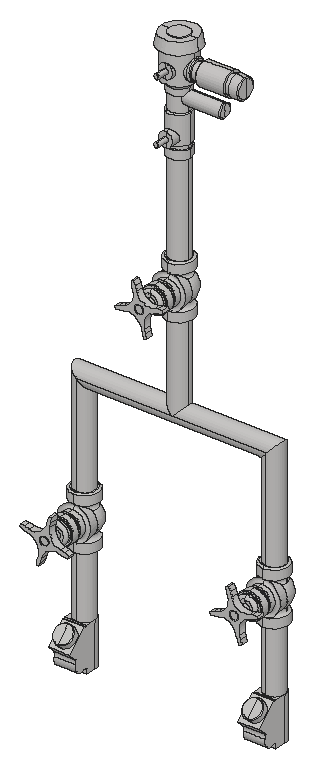
Revit family "QF_FISHER_29475", category Specialty Equipment, Revit 2015
Parameters
  Weight in Pounds = 7.5
  URL Cutsheet = ""
  Specification by User = ""
  Specification by Manufacturer = ""
  Serial Number = ""
  Seismic Rating = ""
  SMACNA No = ""
  Revision Code = ""
  Plumbing Remarks = ""
  Plumbing Connection Type = ""
  NAFEM Spec ID Number = ""
  Model = "29475"
  Masterspec = ""
  Manufacturer = "FISHER"
  Length = 12.12227"
  Keynote = ""
  Item Number = ""
  Installed By = ""
  Identify Quantity as Lot = yes
  Hot Water Temperature = 140 °F
  Hot Water Size = 1/2"
  Hot Water RI Height = 0"
  Hot Water Minimum Pressure = 0.00 psi
  Hot Water Maximum Pressure = 150.00 psi
  Hot Water Flow = 0 GPM
  Hot Water Consumption = 0 GPM
  Hot Water Connection Height = 0"
  Height = 30.39713"
  Furnished By = ""
  Foodservice Equipment Identifier = yes
  Fixture Finish = QF_Metal - Stainless - Polished
  Description = "REEL RINSE EXP INSTALL KIT"
  Depth = 2"
  Cold Water Temperature Recommended = 40 °F
  Cold Water Size = 1/2"
  Cold Water RI Height = 0"
  Cold Water Minimum Pressure = 0.00 psi
  Cold Water Maximum Pressure = 150.00 psi
  Cold Water Flow = 0 GPM
  Cold Water Consumption = ""
  Cold Water Connection Height = 0"
  CSI MasterFormat = ""
Reference planes (in)
  plane 1 "BACK": y = 0
  plane 2: z = 0
  plane 3 "LEFT": x = 0
  plane 4 "RIGHT": x = 12.12227
  plane 5 "FRONT": y = -2
  plane 6 "TOP": z = 30.39713
  plane 7 "Center Y": x = 6.06114
  plane 8 "Center X": y = -1
Forms (in)
  Sweep 1, solid, material "QF_Metal - Stainless - Polished" <- "Fixture Finish"
    path origin (-10.88143, -2, 48) x (-1, 0, 0) y (0, 0, 1)
      loop
        line (-12.14254, -48) -> (-12.14254, -34.82972) -> (-21.74259, -34.82972) -> (-21.74259, -48)
    profile origin (10.86116, -2, 6.58514) x (0, 1, 0) y (-1, 0, 0)
      loop
        circle (1, 0) r 0.5
  Extrusion 2, solid, material "QF_Metal - Stainless - Polished" <- "Fixture Finish"
    sketch origin (0, 0, 0) x (1, 0, 0) y (0, 1, 0)
      loop
        circle (6.06114, -1) r 0.5
    from 13.18883 to 30.39713
  Revolve 3, solid, material "QF_Metal - Stainless - Polished" <- "Fixture Finish"
    sketch origin (-10.88143, -1, 48) x (-1, 0, 0) y (0, 0, 1)
      loop
        line (-16.94256, -21.03787) -> (-16.94256, -22.481) -> (-16.36521, -22.481) -> (-16.36521, -21.10187) -> (-16.42921, -21.03787) -> (-16.94256, -21.03787)
      loop
        line (-16.37138, -22.71718) -> (-16.43405, -22.681) -> (-16.94256, -22.681) -> (-16.94256, -23.16537) -> (-16.43405, -23.16537) -> (-16.37138, -23.12918) -> (-16.37138, -22.71718)
      axis (-16.94256, -23.16537) -> (-16.94256, -21.03787)
    angle from 0 to 360
  Revolve 4, solid, material "QF_Metal - Stainless - Polished" <- "Fixture Finish"
    sketch origin (1.26111, 0, 0) x (0, 1, 0) y (0, 0, 1)
      loop
        line (-1, 8.08214) -> (-1, 5.33214) -> (-0.41, 5.33214) -> (-0.3, 5.39253) -> (-0.3, 5.84366)
        arc (-0.3, 5.84366) -> (-0.44639, 5.96816) -> (-0.40631, 6.15611) r 0.1875
        arc (-0.40631, 6.15611) -> (-0.19, 6.70714) -> (-0.40631, 7.25816) r 0.81
        arc (-0.40631, 7.25816) -> (-0.44639, 7.44611) -> (-0.3, 7.57062) r 0.1875
        line (-0.3, 7.57062) -> (-0.3, 8.02174) -> (-0.41, 8.08214) -> (-1, 8.08214)
      axis (-1, 5.33214) -> (-1, 8.08214)
    angle from 0 to 360
  Revolve 5, solid, material "QF_Metal - Stainless - Polished" <- "Fixture Finish"
    sketch origin (10.86116, 0, 0) x (0, 1, 0) y (0, 0, -1)
      loop
        line (-1, -8.08214) -> (-0.41, -8.08214) -> (-0.3, -8.02174) -> (-0.3, -7.57062)
        arc (-0.3, -7.57062) -> (-0.44639, -7.44611) -> (-0.40631, -7.25816) r 0.1875
        arc (-0.40631, -7.25816) -> (-0.19, -6.70714) -> (-0.40631, -6.15611) r 0.81
        arc (-0.40631, -6.15611) -> (-0.44639, -5.96816) -> (-0.3, -5.84366) r 0.1875
        line (-0.3, -5.84366) -> (-0.3, -5.39253) -> (-0.41, -5.33214) -> (-1, -5.33214) -> (-1, -8.08214)
      axis (-1, -5.33214) -> (-1, -8.08214)
    angle from 0 to 360
  Revolve 6, solid, material "QF_Metal - Stainless - Polished" <- "Fixture Finish"
    sketch origin (1.26111, 0, 0) x (0, 1, 0) y (0, 0, 1)
      loop
        line (-3.21705, 6.70714) -> (-1, 6.70714) -> (-1, 7.4604) -> (-1.67118, 7.56671)
        arc (-1.67118, 7.56671) -> (-1.61026, 7.42608) -> (-1.73134, 7.33214) r 0.125
        line (-1.73134, 7.33214) -> (-2, 7.33214) -> (-2, 7.25326) -> (-2.142, 7.25326) -> (-2.142, 7.30709) -> (-2.20205, 7.36714) -> (-2.54137, 7.36714) -> (-2.568, 7.34051) -> (-2.568, 7.24914) -> (-2.67881, 7.24914)
        arc (-2.67881, 7.24914) -> (-2.78006, 7.2072) -> (-2.822, 7.10595) r 0.14319
        line (-2.822, 7.10595) -> (-2.822, 6.92414) -> (-3.21705, 6.92414) -> (-3.21705, 6.70714)
      axis (-1, 6.70714) -> (-3.21705, 6.70714)
    angle from 0 to 360
  Revolve 7, solid, material "QF_Metal - Stainless - Polished" <- "Fixture Finish"
    sketch origin (10.86116, 0, 0) x (0, 1, 0) y (0, 0, -1)
      loop
        line (-3.21705, -6.70714) -> (-3.21705, -6.92414) -> (-2.822, -6.92414) -> (-2.822, -7.10595)
        arc (-2.822, -7.10595) -> (-2.78006, -7.2072) -> (-2.67881, -7.24914) r 0.14319
        line (-2.67881, -7.24914) -> (-2.568, -7.24914) -> (-2.568, -7.34051) -> (-2.54137, -7.36714) -> (-2.20205, -7.36714) -> (-2.142, -7.30709) -> (-2.142, -7.25326) -> (-2, -7.25326) -> (-2, -7.33214) -> (-1.73134, -7.33214)
        arc (-1.73134, -7.33214) -> (-1.61026, -7.42608) -> (-1.67118, -7.56671) r 0.125
        line (-1.67118, -7.56671) -> (-1, -7.4604) -> (-1, -6.70714) -> (-3.21705, -6.70714)
      axis (-1, -6.70714) -> (-3.21705, -6.70714)
    angle from 0 to 360
  Revolve 8, solid, material "QF_Metal - Stainless - Polished" <- "Fixture Finish"
    sketch origin (6.06114, 0, 12.19017) x (0, 1, 0) y (0, 0, -1)
      loop
        line (-1, -8.08214) -> (-0.41, -8.08214) -> (-0.3, -8.02174) -> (-0.3, -7.57062)
        arc (-0.3, -7.57062) -> (-0.44639, -7.44611) -> (-0.40631, -7.25816) r 0.1875
        arc (-0.40631, -7.25816) -> (-0.19, -6.70714) -> (-0.40631, -6.15611) r 0.81
        arc (-0.40631, -6.15611) -> (-0.44639, -5.96816) -> (-0.3, -5.84366) r 0.1875
        line (-0.3, -5.84366) -> (-0.3, -5.39253) -> (-0.41, -5.33214) -> (-1, -5.33214) -> (-1, -8.08214)
      axis (-1, -5.33214) -> (-1, -8.08214)
    angle from 0 to 360
  Revolve 9, solid, material "QF_Metal - Stainless - Polished" <- "Fixture Finish"
    sketch origin (6.06114, 0, 12.19017) x (0, 1, 0) y (0, 0, -1)
      loop
        line (-3.21705, -6.70714) -> (-3.21705, -6.92414) -> (-2.822, -6.92414) -> (-2.822, -7.10595)
        arc (-2.822, -7.10595) -> (-2.78006, -7.2072) -> (-2.67881, -7.24914) r 0.14319
        line (-2.67881, -7.24914) -> (-2.568, -7.24914) -> (-2.568, -7.34051) -> (-2.54137, -7.36714) -> (-2.20205, -7.36714) -> (-2.142, -7.30709) -> (-2.142, -7.25326) -> (-2, -7.25326) -> (-2, -7.33214) -> (-1.73134, -7.33214)
        arc (-1.73134, -7.33214) -> (-1.61026, -7.42608) -> (-1.67118, -7.56671) r 0.125
        line (-1.67118, -7.56671) -> (-1, -7.4604) -> (-1, -6.70714) -> (-3.21705, -6.70714)
      axis (-1, -6.70714) -> (-3.21705, -6.70714)
    angle from 0 to 360
  Extrusion 10, solid, material "QF_Metal - Stainless - Polished" <- "Fixture Finish"
    sketch origin (0, 0, 0) x (1, 0, 0) y (0, 0, 1)
      loop
        line (1.56176, 7.46196) -> (1.61848, 7.67362)
        arc (1.61848, 7.67362) -> (1.63536, 7.78228) -> (1.6446, 7.89186) r 1.57112
        arc (1.6446, 7.89186) -> (1.58463, 7.90954) -> (1.52386, 7.92421) r 1.25
        arc (1.52386, 7.92421) -> (1.47707, 7.82469) -> (1.43736, 7.72215) r 1.57112
        line (1.43736, 7.72215) -> (1.38065, 7.51049)
        arc (1.38065, 7.51049) -> (1.04612, 7.07452) -> (0.50128, 7.00279) r 0.718
        line (0.50128, 7.00279) -> (0.28963, 7.0595)
        arc (0.28963, 7.0595) -> (0.18096, 7.07639) -> (0.07139, 7.08563) r 1.57112
        arc (0.07139, 7.08563) -> (0.0537, 7.02566) -> (0.03904, 6.96489) r 1.25
        arc (0.03904, 6.96489) -> (0.13855, 6.9181) -> (0.2411, 6.87839) r 1.57112
        line (0.2411, 6.87839) -> (0.45276, 6.82168)
        arc (0.45276, 6.82168) -> (0.88873, 6.48714) -> (0.96046, 5.94231) r 0.718
        line (0.96046, 5.94231) -> (0.90374, 5.73065)
        arc (0.90374, 5.73065) -> (0.88686, 5.62199) -> (0.87762, 5.51242) r 1.57112
        arc (0.87762, 5.51242) -> (0.93759, 5.49473) -> (0.99836, 5.48006) r 1.25
        arc (0.99836, 5.48006) -> (1.04515, 5.57958) -> (1.08486, 5.68212) r 1.57112
        line (1.08486, 5.68212) -> (1.14157, 5.89378)
        arc (1.14157, 5.89378) -> (1.4761, 6.32976) -> (2.02094, 6.40149) r 0.718
        line (2.02094, 6.40149) -> (2.23259, 6.34477)
        arc (2.23259, 6.34477) -> (2.34126, 6.32789) -> (2.45083, 6.31865) r 1.57112
        arc (2.45083, 6.31865) -> (2.46852, 6.37861) -> (2.48318, 6.43939) r 1.25
        arc (2.48318, 6.43939) -> (2.38367, 6.48617) -> (2.28112, 6.52588) r 1.57112
        line (2.28112, 6.52588) -> (2.06946, 6.5826)
        arc (2.06946, 6.5826) -> (1.63349, 6.91713) -> (1.56176, 7.46196) r 0.718
      loop
        circle (1.26111, 6.70714) r 0.217
    from 3.21705 to 3.54234
  Extrusion 11, solid, material "QF_Metal - Stainless - Polished" <- "Fixture Finish"
    sketch origin (0, 0, 0) x (1, 0, 0) y (0, 0, 1)
      loop
        circle (1.26111, 6.70714) r 0.217
    from 3.21705 to 3.54234
  Extrusion 12, solid, material "QF_Metal - Stainless - Polished" <- "Fixture Finish"
    sketch origin (7.32225, 0, 12.19017) x (-1, 0, 0) y (0, 0, -1)
      loop
        arc (1.56176, -7.46196) -> (1.63349, -6.91713) -> (2.06946, -6.5826) r 0.718
        line (2.06946, -6.5826) -> (2.28112, -6.52588)
        arc (2.28112, -6.52588) -> (2.38367, -6.48617) -> (2.48318, -6.43939) r 1.57112
        arc (2.48318, -6.43939) -> (2.46852, -6.37861) -> (2.45083, -6.31865) r 1.25
        arc (2.45083, -6.31865) -> (2.34126, -6.32789) -> (2.23259, -6.34477) r 1.57112
        line (2.23259, -6.34477) -> (2.02094, -6.40149)
        arc (2.02094, -6.40149) -> (1.4761, -6.32976) -> (1.14157, -5.89378) r 0.718
        line (1.14157, -5.89378) -> (1.08486, -5.68212)
        arc (1.08486, -5.68212) -> (1.04515, -5.57958) -> (0.99836, -5.48006) r 1.57112
        arc (0.99836, -5.48006) -> (0.93759, -5.49473) -> (0.87762, -5.51242) r 1.25
        arc (0.87762, -5.51242) -> (0.88686, -5.62199) -> (0.90374, -5.73065) r 1.57112
        line (0.90374, -5.73065) -> (0.96046, -5.94231)
        arc (0.96046, -5.94231) -> (0.88873, -6.48714) -> (0.45276, -6.82168) r 0.718
        line (0.45276, -6.82168) -> (0.2411, -6.87839)
        arc (0.2411, -6.87839) -> (0.13855, -6.9181) -> (0.03904, -6.96489) r 1.57112
        arc (0.03904, -6.96489) -> (0.0537, -7.02566) -> (0.07139, -7.08563) r 1.25
        arc (0.07139, -7.08563) -> (0.18096, -7.07639) -> (0.28963, -7.0595) r 1.57112
        line (0.28963, -7.0595) -> (0.50128, -7.00279)
        arc (0.50128, -7.00279) -> (1.04612, -7.07452) -> (1.38065, -7.51049) r 0.718
        line (1.38065, -7.51049) -> (1.43736, -7.72215)
        arc (1.43736, -7.72215) -> (1.47707, -7.82469) -> (1.52386, -7.92421) r 1.57112
        arc (1.52386, -7.92421) -> (1.58463, -7.90954) -> (1.6446, -7.89186) r 1.25
        arc (1.6446, -7.89186) -> (1.63536, -7.78228) -> (1.61848, -7.67362) r 1.57112
        line (1.61848, -7.67362) -> (1.56176, -7.46196)
      loop
        circle (1.26111, -6.70714) r 0.217
    from 3.21705 to 3.54234
  Extrusion 13, solid, material "QF_Metal - Stainless - Polished" <- "Fixture Finish"
    sketch origin (12.12227, 0, 0) x (-1, 0, 0) y (0, 0, -1)
      loop
        circle (1.26111, -6.70714) r 0.217
    from 3.21705 to 3.54234
  Revolve 14, solid, material "QF_Metal - Stainless - Polished" <- "Fixture Finish"
    sketch origin (-10.88143, -1, 48) x (-1, 0, 0) y (0, 0, 1)
      loop
        line (-16.94256, -20.22787) -> (-16.38756, -20.22787) -> (-16.38756, -19.89987) -> (-16.13006, -19.67287) -> (-16.13006, -18.14287) -> (-15.94256, -18.14287) -> (-16.05056, -17.60287) -> (-16.94256, -17.60287) -> (-16.94256, -20.22787)
      axis (-16.94256, -20.22787) -> (-16.94256, -17.60287)
    angle from 0 to 360
  Revolve 15, solid, material "QF_Metal - Stainless - Polished" <- "Fixture Finish"
    sketch origin (-10.88143, -1, 48) x (-1, 0, 0) y (0, 0, 1)
      loop
        line (-20.31756, -19.03311) -> (-16.94256, -19.03311) -> (-16.94256, -18.50061) -> (-17.75506, -18.50061)
        arc (-17.75506, -18.50061) -> (-17.77337, -18.5448) -> (-17.81756, -18.56311) r 0.0625
        line (-17.81756, -18.56311) -> (-17.88006, -18.56311) -> (-17.88006, -18.61311) -> (-18.19006, -18.61311) -> (-18.19006, -18.51975) -> (-18.25406, -18.45575) -> (-19.63319, -18.45575) -> (-19.63319, -18.54811) -> (-19.83319, -18.54811) -> (-19.86381, -18.51748) -> (-20.28137, -18.51748) -> (-20.31756, -18.58016) -> (-20.31756, -19.03311)
      axis (-16.94256, -19.03311) -> (-20.31756, -19.03311)
    angle from 0 to 360
  Revolve 16, solid, material "QF_Metal - Stainless - Polished" <- "Fixture Finish"
    sketch origin (6.06114, 6.90541, 48) x (0, 1, 0) y (0, 0, 1)
      loop
        line (-9.34256, -22.126) -> (-8.23193, -22.126) -> (-8.23193, -21.771) -> (-8.76806, -21.771) -> (-8.76806, -22.00833) -> (-9.34256, -22.00833) -> (-9.34256, -22.126)
      axis (-9.34256, -22.126) -> (-8.23193, -22.126)
    angle from 0 to 360
  Revolve 17, solid, material "QF_Metal - Stainless - Polished" <- "Fixture Finish"
    sketch origin (6.06114, 6.90541, 51.09593) x (0, 1, 0) y (0, 0, 1)
      loop
        line (-9.34256, -22.126) -> (-8.23193, -22.126) -> (-8.23193, -21.771) -> (-8.76806, -21.771) -> (-8.76806, -22.00833) -> (-9.34256, -22.00833) -> (-9.34256, -22.126)
      axis (-9.34256, -22.126) -> (-8.23193, -22.126)
    angle from 0 to 360
  Revolve 18, solid, material "QF_Metal - Stainless - Polished" <- "Fixture Finish"
    sketch origin (-10.88143, -1, 48) x (-1, 0, 0) y (0, 0, 1)
      loop
        line (-16.94256, -20.39265) -> (-16.94256, -20.05087) -> (-19.22716, -20.05087)
        arc (-19.22716, -20.05087) -> (-19.25417, -20.06206) -> (-19.26536, -20.08907) r 0.0382
        line (-19.26536, -20.08907) -> (-19.26536, -20.39265) -> (-16.94256, -20.39265)
      axis (-16.94256, -20.39265) -> (-19.26536, -20.39265)
    angle from 0 to 360
  Extrusion 19, solid, material "QF_Metal - Stainless - Polished" <- "Fixture Finish"
    sketch origin (7.32225, 0, 12.19017) x (-1, 0, 0) y (0, 0, -1)
      loop
        circle (1.26111, -6.70714) r 0.217
    from 3.21705 to 3.54234
  Extrusion 20, solid, material "QF_Metal - Stainless - Polished" <- "Fixture Finish"
    sketch origin (12.12227, 0, 0) x (-1, 0, 0) y (0, 0, -1)
      loop
        arc (1.56176, -7.46196) -> (1.63349, -6.91713) -> (2.06946, -6.5826) r 0.718
        line (2.06946, -6.5826) -> (2.28112, -6.52588)
        arc (2.28112, -6.52588) -> (2.38367, -6.48617) -> (2.48318, -6.43939) r 1.57112
        arc (2.48318, -6.43939) -> (2.46852, -6.37861) -> (2.45083, -6.31865) r 1.25
        arc (2.45083, -6.31865) -> (2.34126, -6.32789) -> (2.23259, -6.34477) r 1.57112
        line (2.23259, -6.34477) -> (2.02094, -6.40149)
        arc (2.02094, -6.40149) -> (1.4761, -6.32976) -> (1.14157, -5.89378) r 0.718
        line (1.14157, -5.89378) -> (1.08486, -5.68212)
        arc (1.08486, -5.68212) -> (1.04515, -5.57958) -> (0.99836, -5.48006) r 1.57112
        arc (0.99836, -5.48006) -> (0.93759, -5.49473) -> (0.87762, -5.51242) r 1.25
        arc (0.87762, -5.51242) -> (0.88686, -5.62199) -> (0.90374, -5.73065) r 1.57112
        line (0.90374, -5.73065) -> (0.96046, -5.94231)
        arc (0.96046, -5.94231) -> (0.88873, -6.48714) -> (0.45276, -6.82168) r 0.718
        line (0.45276, -6.82168) -> (0.2411, -6.87839)
        arc (0.2411, -6.87839) -> (0.13855, -6.9181) -> (0.03904, -6.96489) r 1.57112
        arc (0.03904, -6.96489) -> (0.0537, -7.02566) -> (0.07139, -7.08563) r 1.25
        arc (0.07139, -7.08563) -> (0.18096, -7.07639) -> (0.28963, -7.0595) r 1.57112
        line (0.28963, -7.0595) -> (0.50128, -7.00279)
        arc (0.50128, -7.00279) -> (1.04612, -7.07452) -> (1.38065, -7.51049) r 0.718
        line (1.38065, -7.51049) -> (1.43736, -7.72215)
        arc (1.43736, -7.72215) -> (1.47707, -7.82469) -> (1.52386, -7.92421) r 1.57112
        arc (1.52386, -7.92421) -> (1.58463, -7.90954) -> (1.6446, -7.89186) r 1.25
        arc (1.6446, -7.89186) -> (1.63536, -7.78228) -> (1.61848, -7.67362) r 1.57112
        line (1.61848, -7.67362) -> (1.56176, -7.46196)
      loop
        circle (1.26111, -6.70714) r 0.217
    from 3.21705 to 3.54234
  Extrusion 21, solid, material "QF_Metal - Stainless - Polished" <- "Fixture Finish"
    sketch origin (12.12227, 0, 0) x (-1, 0, 0) y (0, 0, -1)
      loop
        circle (1.26111, -6.70714) r 0.217
    from 3.21705 to 3.54234
  Revolve 22, solid, material "QF_Metal - Stainless - Polished" <- "Fixture Finish"
    sketch origin (-10.88143, -1, 48) x (-1, 0, 0) y (0, 0, 1)
      loop
        line (-12.14254, -45.8) -> (-12.14254, -48) -> (-11.59569, -48) -> (-11.59569, -45.8) -> (-12.14254, -45.8)
      axis (-12.14254, -48) -> (-12.14254, -45.8)
    angle from 0 to 360
  Revolve 23, solid, material "QF_Metal - Stainless - Polished" <- "Fixture Finish"
    sketch origin (23.0037, -1, 48) x (1, 0, 0) y (0, 0, -1)
      loop
        line (-12.14254, 45.8) -> (-11.59569, 45.8) -> (-11.59569, 48) -> (-12.14254, 48) -> (-12.14254, 45.8)
      axis (-12.14254, 48) -> (-12.14254, 45.8)
    angle from 0 to 360
  Extrusion 24, solid, material "QF_Metal - Stainless - Polished" <- "Fixture Finish"
    sketch origin (0, 0, 0) x (0, 1, 0) y (0, 0, 1)
      loop
        line (-1.59977, 2.11232) -> (-1.68745, 2.2) -> (-2.59255, 1.2949) -> (-2.27257, 0.97493)
        arc (-2.27257, 0.97493) -> (-2.2041, 0.84666) -> (-2.21858, 0.70199) r 0.25
        arc (-2.21858, 0.70199) -> (-2.1147, 0.29449) -> (-1.69439, 0.28091) r 0.35
        arc (-1.69439, 0.28091) -> (-1.59734, 0.28737) -> (-1.54685, 0.20422) r 0.0937
        line (-1.54685, 0.20422) -> (-1.54685, 0) -> (-1, 0) -> (-1, 2.2) -> (-1.54685, 2.2) -> (-1.54685, 2.13424)
        arc (-1.54685, 2.13424) -> (-1.56599, 2.1056) -> (-1.59977, 2.11232) r 0.031
    from 10.31431 to 11.40801
  Revolve 25, solid, material "QF_Metal - Stainless - Polished" <- "Fixture Finish"
    sketch origin (10.86116, 0, 0) x (0, 1, 0) y (0, 0, -1)
      loop
        line (-2.35001, -1.95746) -> (-2.02818, -2.27929) -> (-1.98434, -2.27929) -> (-1.79625, -2.0912) -> (-2.14, -1.74745) -> (-2.35001, -1.95746)
      axis (-2.35001, -1.95746) -> (-2.14, -1.74745)
    angle from 0 to 360
  Revolve 26, solid, material "QF_Metal - Stainless - Polished" <- "Fixture Finish"
    sketch origin (1.26111, 0, 0) x (0, 1, 0) y (0, 0, 1)
      loop
        line (-2.35001, 1.95746) -> (-2.14, 1.74745) -> (-1.79625, 2.0912) -> (-1.98434, 2.27929) -> (-2.02818, 2.27929) -> (-2.35001, 1.95746)
      axis (-2.35001, 1.95746) -> (-2.14, 1.74745)
    angle from 0 to 360
  Extrusion 27, solid, material "QF_Metal - Stainless - Polished" <- "Fixture Finish"
    sketch origin (12.12227, 0, 0) x (0, 1, 0) y (0, 0, -1)
      loop
        arc (-1.59977, -2.11232) -> (-1.56599, -2.1056) -> (-1.54685, -2.13424) r 0.031
        line (-1.54685, -2.13424) -> (-1.54685, -2.2) -> (-1, -2.2) -> (-1, 0) -> (-1.54685, 0) -> (-1.54685, -0.20422)
        arc (-1.54685, -0.20422) -> (-1.59734, -0.28737) -> (-1.69439, -0.28091) r 0.0937
        arc (-1.69439, -0.28091) -> (-2.1147, -0.29449) -> (-2.21858, -0.70199) r 0.35
        arc (-2.21858, -0.70199) -> (-2.2041, -0.84666) -> (-2.27257, -0.97493) r 0.25
        line (-2.27257, -0.97493) -> (-2.59255, -1.2949) -> (-1.68745, -2.2) -> (-1.59977, -2.11232)
    from 10.31431 to 11.40801
Cuts and joins
  joined: Sweep 1, Revolve 4, Revolve 22, Revolve 23, Extrusion 24, Extrusion 27
  joined: Extrusion 2, Revolve 18
Lines and regions (in)
  symbolic lines
    curve 1: line (2.48318, -3.21705, 0) -> (0, -3.21705, 0)
    curve 2: line (2.48318, -3.54234, 0) -> (0, -3.54234, 0)
    curve 3: line (2.48318, -3.54234, 0) -> (2.48318, -3.21705, 0)
    curve 4: line (0, -3.54234, 0) -> (0, -3.21705, 0)
    curve 5: line (4.83906, -3.21705, 0) -> (7.28321, -3.21705, 0)
    curve 6: line (4.83906, -3.54234, 0) -> (4.83906, -3.21705, 0)
    curve 7: line (7.28321, -3.54234, 0) -> (4.83906, -3.54234, 0)
    curve 8: line (7.28321, -3.21705, 0) -> (7.28321, -3.54234, 0)
    curve 9: circle (6.06114, -1, 0) r 0.892 normal (0, 0, 1)
    curve 10: circle (6.06114, -1, 0) r 1 normal (0, 0, 1)
    curve 11: circle (6.06114, -1, 0) r 0.5 normal (0, 0, 1)
    curve 12: arc (1.26111, -1.5, 0) -> (0.76111, -1, 0) -> (1.26111, -0.5, 0) r 0.5
    curve 13: line (1.26111, -0.5, 0) -> (5.19511, -0.5, 0)
    curve 14: line (1.26111, -1.5, 0) -> (5.19511, -1.5, 0)
    curve 15: line (10.86116, -0.5, 0) -> (9.40897, -0.5, 0)
    curve 16: line (9.39995, -0.48437, 0) -> (9.40897, -0.5, 0)
    curve 17: arc (10.86116, -1.5, 0) -> (11.36116, -1, 0) -> (10.86116, -0.5, 0) r 0.5
    curve 18: line (10.86116, -1.5, 0) -> (9.40897, -1.5, 0)
    curve 19: line (9.39995, -1.51562, 0) -> (9.40897, -1.5, 0)
    curve 20: line (9.39995, -1.51562, 0) -> (9.39995, -0.48437, 0)
    curve 21: line (9.39995, -0.48437, 0) -> (8.98239, -0.48437, 0)
    curve 22: line (8.98239, -0.48437, 0) -> (8.98239, -1.51562, 0)
    curve 23: line (8.98239, -1.51562, 0) -> (9.39995, -1.51562, 0)
    curve 24: line (7.37264, -0.42265, 0) -> (8.75176, -0.42265, 0)
    curve 25: line (8.75176, -0.42265, 0) -> (8.75176, -1.57735, 0)
    curve 26: line (8.75176, -1.57735, 0) -> (7.37264, -1.57735, 0)
    curve 27: line (7.37264, -1.57735, 0) -> (7.37264, -0.42265, 0)
    curve 28: line (8.75176, -0.4999, 0) -> (8.96686, -0.4999, 0)
    curve 29: line (8.96686, -0.4999, 0) -> (8.98239, -0.48437, 0)
    curve 30: line (8.75176, -1.5001, 0) -> (8.96686, -1.5001, 0)
    curve 31: line (8.96686, -1.5001, 0) -> (8.98239, -1.51562, 0)
    curve 32: line (7.30864, -1.51335, 0) -> (6.91932, -1.51335, 0)
    curve 33: line (7.30864, -1.51335, 0) -> (7.37264, -1.57735, 0)
    curve 34: line (7.30864, -0.48665, 0) -> (6.91932, -0.48665, 0)
    curve 35: line (7.30864, -0.48665, 0) -> (7.37264, -0.42265, 0)
    curve 36: line (7.30864, -0.48665, 0) -> (7.30864, -1.51335, 0)
    curve 37: line (5.43614, -2, 0) -> (5.43614, -1.78062, 0)
    curve 38: line (5.43614, -2, 0) -> (5.51502, -2, 0)
    curve 39: line (5.51502, -2, 0) -> (5.51502, -2.142, 0)
    curve 40: line (5.46119, -2.142, 0) -> (5.51502, -2.142, 0)
    curve 41: line (5.46119, -2.142, 0) -> (5.40114, -2.20205, 0)
    curve 42: line (5.40114, -2.20205, 0) -> (5.40114, -2.54137, 0)
    curve 43: line (5.40114, -2.54137, 0) -> (5.42777, -2.568, 0)
    curve 44: line (5.42777, -2.568, 0) -> (6.06114, -2.568, 0)
    curve 45: line (5.84414, -2.822, 0) -> (5.84414, -3.21705, 0)
    curve 46: line (5.84414, -2.822, 0) -> (5.66171, -2.822, 0)
    curve 47: line (5.51914, -2.568, 0) -> (5.51914, -2.67943, 0)
    curve 48: arc (5.51914, -2.67943, 0) -> (5.5609, -2.78024, 0) -> (5.66171, -2.822, 0) r 0.14257
    curve 49: line (6.68614, -2, 0) -> (6.68614, -1.78062, 0)
    curve 50: line (6.68614, -2, 0) -> (6.60726, -2, 0)
    curve 51: line (6.60726, -2, 0) -> (6.60726, -2.142, 0)
    curve 52: line (6.66109, -2.142, 0) -> (6.60726, -2.142, 0)
    curve 53: line (6.66109, -2.142, 0) -> (6.72114, -2.20205, 0)
    curve 54: line (6.72114, -2.20205, 0) -> (6.72114, -2.54137, 0)
    curve 55: line (6.72114, -2.54137, 0) -> (6.6945, -2.568, 0)
    curve 56: line (6.6945, -2.568, 0) -> (6.06114, -2.568, 0)
    curve 57: line (6.27814, -2.822, 0) -> (6.27814, -3.21705, 0)
    curve 58: line (6.27814, -2.822, 0) -> (6.46056, -2.822, 0)
    curve 59: line (6.60314, -2.568, 0) -> (6.60314, -2.67943, 0)
    curve 60: arc (6.60314, -2.67943, 0) -> (6.56138, -2.78024, 0) -> (6.46056, -2.822, 0) r 0.14257
    curve 61: line (5.94347, -2.43715, 0) -> (5.94347, -1.99305, 0)
    curve 62: line (5.94347, -2.43715, 0) -> (6.1788, -2.43715, 0)
    curve 63: line (6.1788, -2.43715, 0) -> (6.1788, -1.99305, 0)
    curve 64: line (5.40114, -2.20205, 0) -> (5.94347, -2.20205, 0)
    curve 65: line (6.72114, -2.20205, 0) -> (6.1788, -2.20205, 0)
    curve 66: line (5.40114, -2.54137, 0) -> (6.72114, -2.54137, 0)
    curve 67: line (5.84414, -2.822, 0) -> (6.27814, -2.822, 0)
    curve 68: line (0.63611, -2, 0) -> (0.63611, -1.67118, 0)
    curve 69: line (0.63611, -2, 0) -> (1.80723, -2, 0)
    curve 70: line (0.71499, -2, 0) -> (0.71499, -2.142, 0)
    curve 71: line (0.66116, -2.142, 0) -> (1.80723, -2.142, 0)
    curve 72: line (0.66116, -2.142, 0) -> (0.60111, -2.20205, 0)
    curve 73: line (0.60111, -2.20205, 0) -> (0.60111, -2.54137, 0)
    curve 74: line (0.60111, -2.54137, 0) -> (0.62774, -2.568, 0)
    curve 75: line (1.04411, -2.822, 0) -> (1.04411, -3.21705, 0)
    curve 76: line (1.47811, -2.822, 0) -> (0.86168, -2.822, 0)
    curve 77: line (0.71911, -2.568, 0) -> (0.71911, -2.67943, 0)
    curve 78: arc (0.71911, -2.67943, 0) -> (0.76087, -2.78024, 0) -> (0.86168, -2.822, 0) r 0.14257
    curve 79: line (0.62774, -2.568, 0) -> (1.80311, -2.568, 0)
    curve 80: line (1.88611, -2, 0) -> (1.88611, -1.67118, 0)
    curve 81: line (1.88611, -2, 0) -> (1.80723, -2, 0)
    curve 82: line (1.80723, -2, 0) -> (1.80723, -2.142, 0)
    curve 83: line (1.86106, -2.142, 0) -> (1.80723, -2.142, 0)
    curve 84: line (1.86106, -2.142, 0) -> (1.92111, -2.20205, 0)
    curve 85: line (1.92111, -2.20205, 0) -> (1.92111, -2.54137, 0)
    curve 86: line (1.92111, -2.54137, 0) -> (1.89448, -2.568, 0)
    curve 87: line (1.47811, -2.822, 0) -> (1.47811, -3.21705, 0)
    curve 88: line (1.47811, -2.822, 0) -> (1.66054, -2.822, 0)
    curve 89: line (1.80311, -2.568, 0) -> (1.80311, -2.67943, 0)
    curve 90: arc (1.80311, -2.67943, 0) -> (1.76135, -2.78024, 0) -> (1.66054, -2.822, 0) r 0.14257
    curve 91: line (1.89448, -2.568, 0) -> (1.80311, -2.568, 0)
    curve 92: line (0.60111, -2.20205, 0) -> (1.92111, -2.20205, 0)
    curve 93: line (0.60111, -2.54137, 0) -> (1.92111, -2.54137, 0)
    curve 94: arc (1.75101, -1.5, 0) -> (0.56111, -1, 0) -> (1.75101, -0.5, 0) r 0.7
    curve 95: line (0.39961, -1.67118, 0) -> (1.06233, -1.67118, 0)
    curve 96: line (2.11961, -1.67118, 0) -> (1.45989, -1.67118, 0)
    curve 97: line (2.0925, -1.5, 0) -> (2.11961, -1.67118, 0)
    curve 98: line (0.39961, -1.67118, 0) -> (0.47482, -1.19632, 0)
    curve 99: arc (1.89891, -0.5, 0) -> (0.90512, -0.27194, 0) -> (0.47482, -1.19632, 0) r 0.81043
    curve 100: line (9.63716, -3.21705, 0) -> (12.12035, -3.21705, 0)
    curve 101: line (9.63716, -3.54234, 0) -> (12.12035, -3.54234, 0)
    curve 102: line (9.63716, -3.54234, 0) -> (9.63716, -3.21705, 0)
    curve 103: line (12.12035, -3.54234, 0) -> (12.12035, -3.21705, 0)
    curve 104: arc (10.85924, -1.5, 0) -> (11.35924, -1, 0) -> (10.85924, -0.5, 0) r 0.5
    curve 105: line (11.48424, -2, 0) -> (11.48424, -1.67118, 0)
    curve 106: line (11.48424, -2, 0) -> (10.31311, -2, 0)
    curve 107: line (11.40536, -2, 0) -> (11.40536, -2.142, 0)
    curve 108: line (11.45919, -2.142, 0) -> (10.31311, -2.142, 0)
    curve 109: line (11.45919, -2.142, 0) -> (11.51924, -2.20205, 0)
    curve 110: line (11.51924, -2.20205, 0) -> (11.51924, -2.54137, 0)
    curve 111: line (11.51924, -2.54137, 0) -> (11.4926, -2.568, 0)
    curve 112: line (11.07624, -2.822, 0) -> (11.07624, -3.21705, 0)
    curve 113: line (10.64224, -2.822, 0) -> (11.25866, -2.822, 0)
    curve 114: line (11.40124, -2.568, 0) -> (11.40124, -2.67943, 0)
    curve 115: arc (11.40124, -2.67943, 0) -> (11.35948, -2.78024, 0) -> (11.25866, -2.822, 0) r 0.14257
    curve 116: line (11.4926, -2.568, 0) -> (10.31724, -2.568, 0)
    curve 117: line (10.23424, -2, 0) -> (10.23424, -1.67118, 0)
    curve 118: line (10.23424, -2, 0) -> (10.31311, -2, 0)
    curve 119: line (10.31311, -2, 0) -> (10.31311, -2.142, 0)
    curve 120: line (10.25928, -2.142, 0) -> (10.31311, -2.142, 0)
    curve 121: line (10.25928, -2.142, 0) -> (10.19924, -2.20205, 0)
    curve 122: line (10.19924, -2.20205, 0) -> (10.19924, -2.54137, 0)
    curve 123: line (10.19924, -2.54137, 0) -> (10.22587, -2.568, 0)
    curve 124: line (10.64224, -2.822, 0) -> (10.64224, -3.21705, 0)
    curve 125: line (10.64224, -2.822, 0) -> (10.45981, -2.822, 0)
    curve 126: line (10.31724, -2.568, 0) -> (10.31724, -2.67943, 0)
    curve 127: arc (10.31724, -2.67943, 0) -> (10.35899, -2.78024, 0) -> (10.45981, -2.822, 0) r 0.14257
    curve 128: line (10.22587, -2.568, 0) -> (10.31724, -2.568, 0)
    curve 129: line (11.51924, -2.20205, 0) -> (10.19924, -2.20205, 0)
    curve 130: line (11.51924, -2.54137, 0) -> (10.19924, -2.54137, 0)
    curve 131: arc (10.36934, -1.5, 0) -> (11.55924, -1, 0) -> (10.36934, -0.5, 0) r 0.7
    curve 132: line (11.72074, -1.67118, 0) -> (11.05802, -1.67118, 0)
    curve 133: line (10.00073, -1.67118, 0) -> (10.66046, -1.67118, 0)
    curve 134: line (10.02785, -1.5, 0) -> (10.00073, -1.67118, 0)
    curve 135: line (11.72074, -1.67118, 0) -> (11.64552, -1.19632, 0)
    curve 136: arc (10.22143, -0.5, 0) -> (11.21522, -0.27194, 0) -> (11.64552, -1.19632, 0) r 0.81043
Dimensions and locks (in)
  equal spacing: plane 3 "LEFT", plane 7 "Center Y", plane 4 "RIGHT"
  "Length": plane 3 "LEFT" to plane 4 "RIGHT"
  equal spacing: plane 5 "FRONT", plane 8 "Center X", plane 1 "BACK"
  "Depth": plane 5 "FRONT" to plane 1 "BACK"
  "Height": plane 6 "TOP" to level
  aligned and locked: level to plane 2
Automatic sketch dimensions
  Sweep 1 sketch curve to level = 0"  (x2)
  plane 4 "RIGHT" to Sweep 1 sketch curve = 1.26111"
  plane 3 "LEFT" to Sweep 1 sketch curve = 1.26111"
  Sweep 1 sketch curve to Sweep 1 sketch curve = 13.17028"
  Sweep 1 sketch curve to profile plane = 0"
  profile plane to Sweep 1 sketch curve = 1"
  Extrusion 2 sketch curve to plane 7 "Center Y" = 0"
  Extrusion 2 sketch curve to plane 8 "Center X" = 0"
  Revolve 3 sketch curve to plane 7 "Center Y" = 0"  (x3)
  Revolve 3 sketch curve to Revolve 3 sketch curve = 0.50851"
  Revolve 3 sketch curve to Revolve 3 sketch curve = 0"  (x2)
  Revolve 3 sketch curve to Revolve 3 sketch curve = 0.51335"
  Revolve 3 sketch curve to Revolve 3 sketch curve = 0.06268"
  Revolve 3 sketch curve to Revolve 3 sketch curve = 0.064"  (x2)
  Revolve 3 sketch curve to plane 6 "TOP" = 5 9/16"
  Revolve 3 sketch curve to Revolve 3 sketch curve = 0.03619"  (x2)
  Revolve 3 sketch curve to Revolve 3 sketch curve = 0.412"
  Revolve 3 sketch curve to Revolve 3 sketch curve = 0.2"
  Revolve 3 sketch curve to Revolve 3 sketch curve = 1.37913"
  Revolve 3 sketch curve to Revolve 3 sketch curve = 0.87747"
  Revolve 4 sketch curve to plane 8 "Center X" = 0"  (x3)
  plane 1 "BACK" to Revolve 4 sketch curve = 0.41"  (x2)
  Revolve 4 sketch curve to Revolve 4 sketch curve = 0.11"
  plane 1 "BACK" to Revolve 4 sketch curve = 0.3"
  Revolve 4 sketch curve to Revolve 4 sketch curve = 0.03112"  (x2)
  level to Revolve 4 sketch curve = 5.33214"
  Revolve 4 sketch curve to Revolve 4 sketch curve = 0.06039"  (x2)
  Revolve 4 sketch curve to Revolve 4 sketch curve = 0.45113"  (x2)
  Revolve 4 sketch curve to Revolve 4 sketch curve = 0.1849"  (x2)
  Revolve 4 sketch curve to Revolve 4 sketch curve = 0.67858"  (x2)
  Revolve 4 sketch curve to Revolve 4 sketch curve = 0"  (x2)
  Revolve 4 sketch curve to Revolve 4 sketch curve = 1/2"
  Revolve 5 sketch curve to plane 8 "Center X" = 0"  (x3)
  plane 1 "BACK" to Revolve 5 sketch curve = 0.41"  (x2)
  Revolve 5 sketch curve to Revolve 5 sketch curve = 0.11"
  plane 1 "BACK" to Revolve 5 sketch curve = 0.3"
  Revolve 5 sketch curve to Revolve 5 sketch curve = 0.03112"  (x2)
  level to Revolve 5 sketch curve = 8.08214"
  Revolve 5 sketch curve to Revolve 5 sketch curve = 0.06039"  (x2)
  Revolve 5 sketch curve to Revolve 5 sketch curve = 0.45113"  (x2)
  Revolve 5 sketch curve to Revolve 5 sketch curve = 0.1849"  (x2)
  Revolve 5 sketch curve to Revolve 5 sketch curve = 0.67858"  (x2)
  Revolve 5 sketch curve to Revolve 5 sketch curve = 0"  (x2)
  Revolve 5 sketch curve to Revolve 5 sketch curve = 1/2"
  Revolve 6 sketch curve to plane 5 "FRONT" = 0"
  Revolve 6 sketch curve to plane 8 "Center X" = 0"
  Revolve 6 sketch curve to Revolve 6 sketch curve = 0.142"
  Revolve 6 sketch curve to Revolve 6 sketch curve = 0.06005"
  Revolve 6 sketch curve to Revolve 6 sketch curve = 0.33932"
  Revolve 6 sketch curve to Revolve 6 sketch curve = 0.02663"  (x2)
  Revolve 6 sketch curve to Revolve 6 sketch curve = 0.11081"
  Revolve 6 sketch curve to Revolve 6 sketch curve = 0.14319"
  Revolve 6 sketch curve to Revolve 6 sketch curve = 0.39505"
  Revolve 6 sketch curve to plane 5 "FRONT" = 0.26866"
  Revolve 6 sketch curve to Revolve 6 sketch curve = 0.06016"
  level to Revolve 6 sketch curve = 6.70714"
  Revolve 6 sketch curve to Revolve 6 sketch curve = 0.217"
  Revolve 6 sketch curve to Revolve 6 sketch curve = 0.18181"
  Revolve 6 sketch curve to Revolve 6 sketch curve = 0.00412"
  Revolve 6 sketch curve to Revolve 6 sketch curve = 0.05383"
  Revolve 6 sketch curve to Revolve 6 sketch curve = 0.07888"
  Revolve 6 sketch curve to Revolve 6 sketch curve = 0.09137"
  Revolve 6 sketch curve to Revolve 6 sketch curve = 1/8"
  Revolve 6 sketch curve to Revolve 6 sketch curve = 0.1063"
  Revolve 6 sketch curve to Revolve 6 sketch curve = 0"  (x2)
  Revolve 6 sketch curve to Revolve 6 sketch curve = 1"
  Revolve 7 sketch curve to plane 5 "FRONT" = 0"
  Revolve 7 sketch curve to plane 8 "Center X" = 0"
  Revolve 7 sketch curve to Revolve 7 sketch curve = 0.142"
  Revolve 7 sketch curve to Revolve 7 sketch curve = 0.06005"  (x2)
  Revolve 7 sketch curve to Revolve 7 sketch curve = 0.33932"
  Revolve 7 sketch curve to Revolve 7 sketch curve = 0.02663"  (x2)
  Revolve 7 sketch curve to Revolve 7 sketch curve = 0.11081"
  Revolve 7 sketch curve to Revolve 7 sketch curve = 0.14319"
  Revolve 7 sketch curve to Revolve 7 sketch curve = 0.39505"
  Revolve 7 sketch curve to plane 5 "FRONT" = 0.26866"
  Revolve 7 sketch curve to Revolve 7 sketch curve = 0.06016"
  level to Revolve 7 sketch curve = 7.56671"
  Revolve 7 sketch curve to Revolve 7 sketch curve = 0.1063"
  Revolve 7 sketch curve to Revolve 7 sketch curve = 0.10957"
  Revolve 7 sketch curve to Revolve 7 sketch curve = 0.035"
  Revolve 7 sketch curve to Revolve 7 sketch curve = 0.05383"
  Revolve 7 sketch curve to Revolve 7 sketch curve = 0.09137"
  Revolve 7 sketch curve to Revolve 7 sketch curve = 0.18181"
  Revolve 7 sketch curve to Revolve 7 sketch curve = 0.75327"
  Revolve 7 sketch curve to Revolve 7 sketch curve = 0"  (x2)
  Revolve 7 sketch curve to Revolve 7 sketch curve = 1"
  Revolve 8 sketch curve to plane 8 "Center X" = 0"  (x3)
  plane 1 "BACK" to Revolve 8 sketch curve = 0.41"  (x2)
  Revolve 8 sketch curve to Revolve 8 sketch curve = 0.11"
  plane 1 "BACK" to Revolve 8 sketch curve = 0.3"
  Revolve 8 sketch curve to Revolve 8 sketch curve = 0.03112"  (x2)
  Revolve 8 sketch curve to plane 6 "TOP" = 10.12482"
  Revolve 8 sketch curve to Revolve 8 sketch curve = 0.06039"  (x2)
  Revolve 8 sketch curve to Revolve 8 sketch curve = 0.45113"  (x2)
  Revolve 8 sketch curve to Revolve 8 sketch curve = 0.1849"  (x2)
  Revolve 8 sketch curve to Revolve 8 sketch curve = 0.67858"  (x2)
  Revolve 8 sketch curve to Revolve 8 sketch curve = 0"  (x2)
  Revolve 8 sketch curve to Revolve 8 sketch curve = 1/2"
  Revolve 9 sketch curve to plane 5 "FRONT" = 0"
  Revolve 9 sketch curve to plane 8 "Center X" = 0"
  Revolve 9 sketch curve to Revolve 9 sketch curve = 0.142"
  Revolve 9 sketch curve to Revolve 9 sketch curve = 0.06005"  (x2)
  Revolve 9 sketch curve to Revolve 9 sketch curve = 0.33932"
  Revolve 9 sketch curve to Revolve 9 sketch curve = 0.02663"  (x2)
  Revolve 9 sketch curve to Revolve 9 sketch curve = 0.11081"
  Revolve 9 sketch curve to Revolve 9 sketch curve = 0.14319"
  Revolve 9 sketch curve to Revolve 9 sketch curve = 0.39505"
  Revolve 9 sketch curve to plane 5 "FRONT" = 0.26866"
  Revolve 9 sketch curve to Revolve 9 sketch curve = 0.06016"
  Revolve 9 sketch curve to plane 6 "TOP" = 10.64025"
  Revolve 9 sketch curve to Revolve 9 sketch curve = 0.1063"
  Revolve 9 sketch curve to Revolve 9 sketch curve = 0.10957"
  Revolve 9 sketch curve to Revolve 9 sketch curve = 0.035"
  Revolve 9 sketch curve to Revolve 9 sketch curve = 0.05383"
  Revolve 9 sketch curve to Revolve 9 sketch curve = 0.09137"
  Revolve 9 sketch curve to Revolve 9 sketch curve = 0.18181"
  Revolve 9 sketch curve to Revolve 9 sketch curve = 0.75327"
  Revolve 9 sketch curve to Revolve 9 sketch curve = 0"  (x2)
  Revolve 9 sketch curve to Revolve 9 sketch curve = 1"
  Extrusion 10 sketch curve to Extrusion 10 sketch curve = 0"  (x13)
  Extrusion 10 sketch curve to plane 3 "LEFT" = 0.39921"
  Extrusion 10 sketch curve to plane 3 "LEFT" = 0.00577"
  plane 3 "LEFT" to Extrusion 10 sketch curve = 0.07537"
  plane 3 "LEFT" to Extrusion 10 sketch curve = 0.2411"
  plane 3 "LEFT" to Extrusion 10 sketch curve = 0.26692"
  Extrusion 10 sketch curve to Extrusion 10 sketch curve = 0.04853"  (x8)
  Extrusion 10 sketch curve to Extrusion 10 sketch curve = 0.21166"  (x4)
  Extrusion 10 sketch curve to Extrusion 10 sketch curve = 0.61174"  (x4)
  Extrusion 10 sketch curve to Extrusion 10 sketch curve = 0.06971"  (x4)
  Extrusion 10 sketch curve to Extrusion 10 sketch curve = 0.63682"
  Extrusion 10 sketch curve to Extrusion 10 sketch curve = 0.05671"  (x4)
  Extrusion 10 sketch curve to Extrusion 10 sketch curve = 0.18111"  (x8)
  Extrusion 10 sketch curve to Extrusion 10 sketch curve = 0.30065"
  Extrusion 10 sketch curve to Extrusion 10 sketch curve = 0.69353"  (x2)
  Extrusion 10 sketch curve to Extrusion 10 sketch curve = 0.68054"  (x2)
  Extrusion 10 sketch curve to Extrusion 10 sketch curve = 0.18583"
  Extrusion 10 sketch curve to Extrusion 10 sketch curve = 0.2727"  (x3)
  Extrusion 10 sketch curve to Extrusion 10 sketch curve = 0.66613"  (x2)
  level to Extrusion 10 sketch curve = 5.04182"
  Extrusion 10 sketch curve to Extrusion 10 sketch curve = 0.39344"
  Extrusion 10 sketch curve to Extrusion 10 sketch curve = 0.47458"
  Extrusion 10 sketch curve to Extrusion 10 sketch curve = 0.6403"
  Extrusion 10 sketch curve to Extrusion 10 sketch curve = 0.75983"
  Extrusion 10 sketch curve to Extrusion 10 sketch curve = 0.005"
  plane 3 "LEFT" to Extrusion 10 sketch curve = 0.03904"
  Extrusion 10 sketch curve to Extrusion 10 sketch curve = 0.02612"
  Extrusion 10 sketch curve to Extrusion 10 sketch curve = 0.08649"
  Extrusion 10 sketch curve to Extrusion 10 sketch curve = 0.21824"
  plane 3 "LEFT" to Extrusion 11 sketch curve = 1.26111"
  level to Extrusion 11 sketch curve = 6.70714"
  Extrusion 12 sketch curve to Extrusion 12 sketch curve = 0"  (x12)
  Extrusion 12 sketch curve to plane 7 "Center Y" = 0"  (x2)
  Extrusion 12 sketch curve to plane 7 "Center Y" = 0.11954"
  Extrusion 12 sketch curve to plane 7 "Center Y" = 0.17625"
  Extrusion 12 sketch curve to Extrusion 12 sketch curve = 0.18111"  (x8)
  Extrusion 12 sketch curve to plane 7 "Center Y" = 0.50428"
  Extrusion 12 sketch curve to plane 7 "Center Y" = 0.57399"
  Extrusion 12 sketch curve to Extrusion 12 sketch curve = 0.18583"  (x3)
  Extrusion 12 sketch curve to Extrusion 12 sketch curve = 0.04853"  (x8)
  Extrusion 12 sketch curve to Extrusion 12 sketch curve = 0.21166"  (x4)
  Extrusion 12 sketch curve to Extrusion 12 sketch curve = 0.61174"  (x4)
  Extrusion 12 sketch curve to Extrusion 12 sketch curve = 0.2727"  (x4)
  Extrusion 12 sketch curve to Extrusion 12 sketch curve = 0.66613"  (x3)
  plane 7 "Center Y" to Extrusion 12 sketch curve = 0.11954"
  plane 7 "Center Y" to Extrusion 12 sketch curve = 0.17625"
  plane 7 "Center Y" to Extrusion 12 sketch curve = 0.50428"
  plane 7 "Center Y" to Extrusion 12 sketch curve = 0.57399"
  Extrusion 12 sketch curve to Extrusion 12 sketch curve = 0.69353"
  plane 6 "TOP" to Extrusion 12 sketch curve = 13.16514"
  Extrusion 12 sketch curve to Extrusion 12 sketch curve = 0.39344"
  Extrusion 12 sketch curve to Extrusion 12 sketch curve = 0.47458"
  Extrusion 12 sketch curve to Extrusion 12 sketch curve = 0.6403"
  Extrusion 12 sketch curve to Extrusion 12 sketch curve = 0.06971"  (x2)
  Extrusion 12 sketch curve to Extrusion 12 sketch curve = 0.05671"  (x2)
  Extrusion 12 sketch curve to Extrusion 12 sketch curve = 0.80835"
  Extrusion 12 sketch curve to Extrusion 12 sketch curve = 0.005"
  Extrusion 12 sketch curve to Extrusion 12 sketch curve = 0.68054"
  Extrusion 12 sketch curve to Extrusion 12 sketch curve = 0.08649"  (x2)
  Extrusion 12 sketch curve to Extrusion 12 sketch curve = 0.21824"  (x2)
  Extrusion 13 sketch curve to plane 4 "RIGHT" = 1.26111"
  Extrusion 13 sketch curve to level = 6.70714"
  Revolve 14 sketch curve to plane 7 "Center Y" = 0"  (x2)
  Revolve 14 sketch curve to plane 6 "TOP" = 0"  (x2)
  Revolve 14 sketch curve to Revolve 14 sketch curve = 0.555"
  Revolve 14 sketch curve to Revolve 14 sketch curve = 0.2575"
  Revolve 14 sketch curve to Revolve 14 sketch curve = 0.0795"
  Revolve 14 sketch curve to Revolve 14 sketch curve = 3/16"
  Revolve 14 sketch curve to plane 6 "TOP" = 0.54"
  Revolve 14 sketch curve to Revolve 14 sketch curve = 1.53"
  Revolve 14 sketch curve to Revolve 14 sketch curve = 0.227"
  Revolve 14 sketch curve to Revolve 14 sketch curve = 0.328"
  Revolve 14 sketch curve to Revolve 14 sketch curve = 0.64912"
  Revolve 15 sketch curve to plane 7 "Center Y" = 0"
  plane 7 "Center Y" to Revolve 15 sketch curve = 13/16"
  Revolve 15 sketch curve to Revolve 15 sketch curve = 1/16"  (x2)
  Revolve 15 sketch curve to Revolve 15 sketch curve = 0.31"
  Revolve 15 sketch curve to Revolve 15 sketch curve = 0.064"
  Revolve 15 sketch curve to Revolve 15 sketch curve = 1.37913"
  Revolve 15 sketch curve to Revolve 15 sketch curve = 0.2"
  Revolve 15 sketch curve to Revolve 15 sketch curve = 0.03063"  (x2)
  Revolve 15 sketch curve to plane 6 "TOP" = 0.91461"
  Revolve 15 sketch curve to Revolve 15 sketch curve = 0.41756"
  Revolve 15 sketch curve to Revolve 15 sketch curve = 0.03619"
  Revolve 15 sketch curve to plane 6 "TOP" = 0.91688"
  Revolve 15 sketch curve to Revolve 15 sketch curve = 0.04335"
  Revolve 15 sketch curve to Revolve 15 sketch curve = 0.06268"
  Revolve 15 sketch curve to Revolve 15 sketch curve = 0.05"
  Revolve 15 sketch curve to Revolve 15 sketch curve = 0.45295"
  Revolve 15 sketch curve to Revolve 15 sketch curve = 0.09235"
  Revolve 15 sketch curve to Revolve 15 sketch curve = 0"  (x2)
  Revolve 15 sketch curve to Revolve 15 sketch curve = 0.26151"
  plane 5 "FRONT" to Revolve 16 sketch curve = 0.43715"
  Revolve 16 sketch curve to plane 5 "FRONT" = 0.13735"
  Revolve 16 sketch curve to plane 8 "Center X" = 0.32652"
  Revolve 16 sketch curve to plane 6 "TOP" = 4.52312"
  Revolve 16 sketch curve to Revolve 16 sketch curve = 0.11767"
  Revolve 16 sketch curve to Revolve 16 sketch curve = 0.23733"
  Revolve 16 sketch curve to Revolve 16 sketch curve = 0"  (x2)
  plane 8 "Center X" to Revolve 16 sketch curve = 0.1027"
  plane 5 "FRONT" to Revolve 17 sketch curve = 0.43715"
  Revolve 17 sketch curve to plane 5 "FRONT" = 0.13735"
  Revolve 17 sketch curve to plane 8 "Center X" = 0.32652"
  Revolve 17 sketch curve to plane 6 "TOP" = 1.42719"
  Revolve 17 sketch curve to Revolve 17 sketch curve = 0.11767"
  Revolve 17 sketch curve to Revolve 17 sketch curve = 0.23733"
  Revolve 17 sketch curve to Revolve 17 sketch curve = 0"  (x2)
  plane 8 "Center X" to Revolve 17 sketch curve = 0.1027"
  Revolve 18 sketch curve to plane 7 "Center Y" = 0"
  plane 7 "Center Y" to Revolve 18 sketch curve = 2.2846"
  Revolve 18 sketch curve to Revolve 18 sketch curve = 0.0382"
  Revolve 18 sketch curve to plane 6 "TOP" = 2.78978"
  Revolve 18 sketch curve to Revolve 18 sketch curve = 0.30358"
  Revolve 18 sketch curve to Revolve 18 sketch curve = 0"  (x2)
  Revolve 18 sketch curve to Revolve 18 sketch curve = 0.3875"
  Extrusion 19 sketch curve to plane 7 "Center Y" = 0"
  plane 6 "TOP" to Extrusion 19 sketch curve = 11.49982"
  Extrusion 20 sketch curve to Extrusion 20 sketch curve = 0"  (x13)
  plane 4 "RIGHT" to Extrusion 20 sketch curve = 0.39921"
  plane 4 "RIGHT" to Extrusion 20 sketch curve = 0.00577"
  Extrusion 20 sketch curve to plane 4 "RIGHT" = 0.07537"
  Extrusion 20 sketch curve to plane 4 "RIGHT" = 0.2411"
  Extrusion 20 sketch curve to plane 4 "RIGHT" = 0.26692"
  Extrusion 20 sketch curve to Extrusion 20 sketch curve = 0.04853"  (x8)
  Extrusion 20 sketch curve to Extrusion 20 sketch curve = 0.21166"  (x4)
  Extrusion 20 sketch curve to Extrusion 20 sketch curve = 0.61174"  (x4)
  Extrusion 20 sketch curve to Extrusion 20 sketch curve = 0.06971"  (x4)
  Extrusion 20 sketch curve to Extrusion 20 sketch curve = 0.63682"
  Extrusion 20 sketch curve to Extrusion 20 sketch curve = 0.05671"  (x4)
  Extrusion 20 sketch curve to Extrusion 20 sketch curve = 0.18111"  (x8)
  Extrusion 20 sketch curve to Extrusion 20 sketch curve = 0.30065"
  Extrusion 20 sketch curve to Extrusion 20 sketch curve = 0.69353"  (x2)
  Extrusion 20 sketch curve to Extrusion 20 sketch curve = 0.68054"  (x2)
  Extrusion 20 sketch curve to Extrusion 20 sketch curve = 0.18583"
  Extrusion 20 sketch curve to Extrusion 20 sketch curve = 0.2727"  (x3)
  Extrusion 20 sketch curve to Extrusion 20 sketch curve = 0.66613"  (x2)
  Extrusion 20 sketch curve to level = 5.04182"
  Extrusion 20 sketch curve to Extrusion 20 sketch curve = 0.39344"
  Extrusion 20 sketch curve to Extrusion 20 sketch curve = 0.47458"
  Extrusion 20 sketch curve to Extrusion 20 sketch curve = 0.6403"
  Extrusion 20 sketch curve to Extrusion 20 sketch curve = 0.75983"
  Extrusion 20 sketch curve to Extrusion 20 sketch curve = 0.005"
  Extrusion 20 sketch curve to plane 4 "RIGHT" = 0.03904"
  Extrusion 20 sketch curve to Extrusion 20 sketch curve = 0.02612"
  Extrusion 20 sketch curve to Extrusion 20 sketch curve = 0.08649"
  Extrusion 20 sketch curve to Extrusion 20 sketch curve = 0.21824"
  Extrusion 21 sketch curve to plane 4 "RIGHT" = 1.26111"
  Extrusion 21 sketch curve to level = 6.70714"
  Revolve 22 sketch curve to level = 0"
  plane 3 "LEFT" to Revolve 22 sketch curve = 1.26111"
  Revolve 22 sketch curve to Revolve 22 sketch curve = 0.54685"
  level to Revolve 22 sketch curve = 2.2"
  Revolve 22 sketch curve to Revolve 22 sketch curve = 0"  (x2)
  Revolve 22 sketch curve to Revolve 22 sketch curve = 1/4"
  Revolve 23 sketch curve to level = 0"
  plane 4 "RIGHT" to Revolve 23 sketch curve = 1.26111"
  Revolve 23 sketch curve to Revolve 23 sketch curve = 0.54685"
  level to Revolve 23 sketch curve = 2.2"
  Revolve 23 sketch curve to Revolve 23 sketch curve = 0"  (x2)
  Revolve 23 sketch curve to Revolve 23 sketch curve = 1/4"
  Extrusion 24 sketch curve to level = 0"
  Extrusion 24 sketch curve to plane 8 "Center X" = 0"
  level to Extrusion 24 sketch curve = 0.20422"
  Extrusion 24 sketch curve to plane 5 "FRONT" = 0.45315"  (x2)
  Extrusion 24 sketch curve to Extrusion 24 sketch curve = 0.031"
  Extrusion 24 sketch curve to Extrusion 24 sketch curve = 0.02192"
  Extrusion 24 sketch curve to Extrusion 24 sketch curve = 0.0937"
  Extrusion 24 sketch curve to Extrusion 24 sketch curve = 0.08768"
  Extrusion 24 sketch curve to plane 5 "FRONT" = 0.10449"
  plane 5 "FRONT" to Extrusion 24 sketch curve = 0.27257"
  Extrusion 24 sketch curve to Extrusion 24 sketch curve = 0.17678"  (x2)
  Extrusion 24 sketch curve to Extrusion 24 sketch curve = 0.31998"  (x2)
  Extrusion 24 sketch curve to Extrusion 24 sketch curve = 0.36313"
  Extrusion 24 sketch curve to Extrusion 24 sketch curve = 0.23079"
  Extrusion 24 sketch curve to Extrusion 24 sketch curve = 0.06576"
  Extrusion 24 sketch curve to Extrusion 24 sketch curve = 0"
  plane 5 "FRONT" to Revolve 25 sketch curve = 0.35001"
  plane 5 "FRONT" to Revolve 25 sketch curve = 0.14"
  plane 5 "FRONT" to Revolve 25 sketch curve = 0.02818"
  Revolve 25 sketch curve to plane 5 "FRONT" = 0.01566"
  Revolve 25 sketch curve to plane 5 "FRONT" = 0.20375"
  level to Revolve 25 sketch curve = 2.27929"
  Revolve 25 sketch curve to Revolve 25 sketch curve = 0"  (x2)
  Revolve 25 sketch curve to Revolve 25 sketch curve = 0.03323"  (x2)
  plane 5 "FRONT" to Revolve 26 sketch curve = 0.35001"
  plane 5 "FRONT" to Revolve 26 sketch curve = 0.14"
  plane 5 "FRONT" to Revolve 26 sketch curve = 0.02818"
  Revolve 26 sketch curve to plane 5 "FRONT" = 0.01566"
  Revolve 26 sketch curve to plane 5 "FRONT" = 0.20375"
  level to Revolve 26 sketch curve = 1.74745"
  Revolve 26 sketch curve to Revolve 26 sketch curve = 0"  (x2)
  Revolve 26 sketch curve to Revolve 26 sketch curve = 0.03323"  (x2)
  Extrusion 27 sketch curve to level = 0"
  Extrusion 27 sketch curve to plane 8 "Center X" = 0"
  level to Extrusion 27 sketch curve = 0.20422"
  Extrusion 27 sketch curve to plane 5 "FRONT" = 0.45315"  (x2)
  Extrusion 27 sketch curve to Extrusion 27 sketch curve = 0.031"
  Extrusion 27 sketch curve to Extrusion 27 sketch curve = 0.02192"
  Extrusion 27 sketch curve to Extrusion 27 sketch curve = 0.0937"
  Extrusion 27 sketch curve to Extrusion 27 sketch curve = 0.08768"
  Extrusion 27 sketch curve to plane 5 "FRONT" = 0.10449"
  plane 5 "FRONT" to Extrusion 27 sketch curve = 0.27257"
  Extrusion 27 sketch curve to Extrusion 27 sketch curve = 0.17678"  (x2)
  Extrusion 27 sketch curve to Extrusion 27 sketch curve = 0.31998"  (x2)
  Extrusion 27 sketch curve to Extrusion 27 sketch curve = 0.36313"
  Extrusion 27 sketch curve to Extrusion 27 sketch curve = 0.23079"
  Extrusion 27 sketch curve to Extrusion 27 sketch curve = 0.06576"
  Extrusion 27 sketch curve to Extrusion 27 sketch curve = 0"
  curve 9 to curve 10 = 0"  (x2)
  curve 9 to curve 11 = 0"
  curve 10 to curve 11 = 0"
  curve 12 to curve 94 = 0"  (x2)
  curve 94 to curve 99 = 0"  (x2)
  curve 104 to curve 131 = 0"  (x2)
  curve 131 to curve 136 = 0"  (x2)
  curve 1 to plane 3 "LEFT" = 0"
  plane 5 "FRONT" to curve 69 = 0"
  curve 12 to plane 8 "Center X" = 0"
  plane 5 "FRONT" to curve 38 = 0"
  curve 9 to plane 7 "Center Y" = 0"
  curve 56 to plane 7 "Center Y" = 0"
  plane 5 "FRONT" to curve 51 = 0"
  curve 17 to plane 8 "Center X" = 0"
  plane 5 "FRONT" to curve 118 = 0"
  curve 104 to plane 8 "Center X" = 0"
  curve 11 to plane 8 "Center X" = 0"
  plane 3 "LEFT" to curve 95 = 0.39961"
  plane 3 "LEFT" to curve 73 = 0.60111"
  curve 73 to curve 74 = 0.02663"
  curve 72 to curve 69 = 0.035"
  plane 5 "FRONT" to curve 72 = 0.142"
  curve 72 to curve 72 = 0.06005"
  curve 74 to curve 77 = 0.09137"
  curve 77 to curve 76 = 0.14257"
  plane 1 "BACK" to curve 13 = 1/2"
  plane 3 "LEFT" to curve 13 = 1.26111"
  curve 76 to curve 87 = 0.61643"
  curve 76 to curve 90 = 0.18243"
  curve 90 to curve 89 = 0.14257"
  curve 79 to curve 81 = 0.00412"
  curve 71 to curve 84 = 0.05383"
  curve 69 to curve 81 = 0.07888"
  plane 5 "FRONT" to curve 86 = 0.568"
  curve 79 to curve 86 = 0.09137"
  plane 5 "FRONT" to curve 86 = 0.54137"
  curve 86 to curve 86 = 0.02663"
  curve 97 to plane 5 "FRONT" = 0.32882"
  curve 80 to curve 97 = 0.2335"
  curve 90 to curve 1 = 0.68007"
  curve 7 to plane 7 "Center Y" = 1.22207"
  plane 5 "FRONT" to curve 42 = 0.20205"
  curve 42 to plane 7 "Center Y" = 0.66"
  curve 42 to curve 43 = 0.02663"
  curve 41 to curve 38 = 0.035"
  curve 41 to curve 40 = 0.06005"
  curve 40 to curve 39 = 0.05383"
  curve 43 to curve 47 = 0.09137"
  curve 47 to curve 48 = 0.14257"
  curve 46 to curve 45 = 0.18243"
  curve 61 to plane 7 "Center Y" = 0.11767"
  plane 7 "Center Y" to curve 63 = 0.11767"
  plane 7 "Center Y" to curve 57 = 0.217"
  curve 57 to curve 58 = 0.18243"
  curve 60 to curve 59 = 0.14257"
  curve 63 to curve 51 = 0.42845"
  curve 51 to curve 52 = 0.05383"
  curve 50 to curve 49 = 0.07888"
  curve 59 to curve 55 = 0.09137"
  curve 55 to curve 66 = 0.02663"
  curve 59 to curve 8 = 0.68007"
  curve 33 to plane 5 "FRONT" = 0.48665"
  curve 49 to curve 33 = 0.6225"
  curve 34 to curve 27 = 0.064"
  plane 1 "BACK" to curve 24 = 0.42265"
  curve 24 to curve 24 = 1.37913"
  curve 30 to curve 30 = 0.2151"
  curve 28 to curve 28 = 0.2151"
  curve 31 to plane 5 "FRONT" = 31/64"
  curve 30 to curve 31 = 0.01553"
  curve 21 to curve 20 = 0.41756"
  curve 19 to curve 18 = 0.00902"
  curve 16 to curve 15 = 0.00902"
  plane 4 "RIGHT" to curve 15 = 1.26111"
  plane 4 "RIGHT" to curve 100 = 2.48511"
  curve 133 to plane 5 "FRONT" = 0.32882"
  plane 4 "RIGHT" to curve 133 = 2.12154"
  curve 100 to curve 130 = 0.56207"
  plane 5 "FRONT" to curve 123 = 0.568"
  curve 130 to curve 123 = 0.02663"
  curve 121 to curve 118 = 0.035"
  plane 5 "FRONT" to curve 121 = 0.142"
  curve 121 to curve 121 = 0.06005"
  curve 120 to curve 120 = 0.05383"
  curve 123 to curve 126 = 0.09137"
  curve 127 to curve 125 = 0.14257"
  curve 127 to curve 124 = 0.18243"
  curve 115 to curve 114 = 0.14257"
  curve 114 to curve 109 = 0.05795"
  curve 108 to curve 106 = 0.02505"
  curve 114 to curve 116 = 0.09137"
  curve 108 to curve 129 = 0.06005"
  curve 135 to plane 5 "FRONT" = 0.32882"
  curve 105 to curve 135 = 0.2365"
  curve 115 to curve 101 = 0.86168"
  plane 5 "FRONT" to curve 55 = 0.568"
  curve 127 to curve 116 = 0.11143"
  curve 78 to curve 77 = 0.11143"
  curve 47 to curve 47 = 0.11143"
  curve 100 to curve 127 = 0.53762"
  curve 1 to curve 90 = 0.53762"
  curve 8 to curve 59 = 0.53762"
  curve 101 to curve 100 = 0.3253"
  curve 8 to curve 5 = 0.3253"
  curve 4 to curve 1 = 0.3253"
  curve 43 to curve 43 = 0.02663"
  curve 128 to curve 123 = 0.02663"
  curve 44 to curve 61 = 0.13085"
  curve 92 to curve 83 = 0.06005"
  plane 5 "FRONT" to curve 54 = 0.20205"
  curve 121 to curve 120 = 0.06005"
